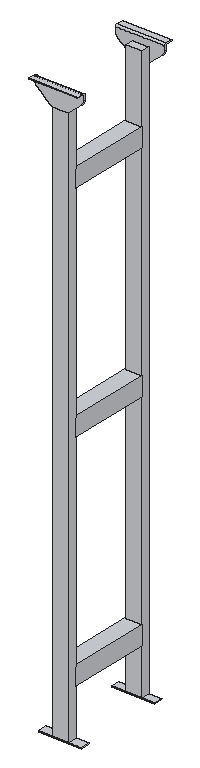
Revit family "C2101", category Specialty Equipment, Revit 2025
Family settings
  Round Connector Dimension = Use Diameter
  Part Type = Normal
  Work Plane-Based = Yes
  Enable Cutting in Views = No
  Always vertical = Yes
  Cut with Voids When Loaded = No
  Maintain Annotation Orientation = No
  Shared = No
  Room Calculation Point = No
Parameters
  Lookup Table Name 3 [instance] = "LEG_SUPPORT_D"
  Lookup Table Name 2 [instance] = "LEG_SUPPORT"
  Lookup Table Name [instance] = "LEG_SUPPORT_F"
  G [instance] = size_lookup(Lookup Table Name 2, "GG", 0' 7", Conveyor_Elevation_In, F)  # 2' - 10"
  F [instance] = size_lookup(Lookup Table Name, "FF", 0' 7", Conveyor_Elevation_In)  # 1' - 1"
  LEG_HEIGHT [instance] = Conveyor_Elevation_In - 0' 1 1/4" - 0' 0 31/256" - 0' 6 37/128"  # 7' - 4 87/256"
  Default Elevation = 4' - 0"
  D [instance] = size_lookup(Lookup Table Name 3, "DD", 1, Conveyor_Elevation_In, F)  # 3
  Cross_Member_width [instance] = CLR_NOMINAL_WIDTH - 0' 5 1/2"  # 1' - 0 1/2"
  Conveyor_Elevation_In = 8' - 0"
  CLR_NOMINAL_WIDTH = 1' - 6"
Reference planes (in)
  plane 1 "Center (Front/Back)": y = 0
  plane 2 "Level": z = 0
  plane 3 "Center (Left/Right)": x = 0
  plane 4: z = 89.71
  plane 5: y = 7.64063
  plane 6: y = -36.38324
  plane 7: x = 7.5
  plane 8 "Support_Centerline": x = 3.80669
  plane 9 "LH_Out": y = 9
  plane 10 "RH_Out": y = -9
  plane 11 "Bot_of_SideFrame": z = 89.71
  plane 12: z = 33.60641
  plane 13: y = 18.02386
  plane 14: y = -26
  plane 15: z = 89.71
  plane 16: y = -7.64063
  plane 17: y = 36.38324
  plane 18: z = 89.71
  plane 19: z = 33.60641
  plane 20: z = 89.71
  plane 21: y = -9
  plane 22: y = 9
  plane 23: y = 19.38324
  plane 24 "CROSS_CENTERLINE": z = 76.71
  plane 25: z = 89.71
  plane 26: z = 76.71
  plane 27 "CROSS_CENTERLINE": z = 77.75
  plane 28: z = 90.75
  plane 29: z = 77.75
  plane 30 "Center F/E": z = 42.71
  plane 31: z = 55.71
  plane 32: z = 42.71
  plane 33: y = -0.48938
  plane 34: y = -3.25
  plane 35: y = -0.5
  plane 36: z = 96
  plane 37 "Center F/F": z = 8.71
  plane 38: z = 21.71
  plane 39: z = 8.71
  plane 40: y = -0.51062
Forms (in)
  Extrusion 1, solid
    sketch origin (0, -9.38324, 57.71) x (0, 1, 0) y (0, 0, 1)
      loop
        line (18.38324, 32) -> (17.27386, 32)
        arc (17.27386, 32) -> (17.09708, 31.92678) -> (17.02386, 31.75) r 0.25
        line (17.02386, 31.75) -> (17.02386, 27.75) -> (17.13324, 27.75) -> (17.13324, 31.64063)
        arc (17.13324, 31.64063) -> (17.20646, 31.8174) -> (17.38324, 31.89063) r 0.25
        line (17.38324, 31.89063) -> (18.38324, 31.89063) -> (18.38324, 32)
    from 0 to 7.5
  Extrusion 2, void
    sketch origin (0, 7.64063, 90.46) x (0, 0, 1) y (1, 0, 0)
      loop
        line (-1.11719, 0) -> (-1.66256, 0)
        arc (-1.66256, 0) -> (-2.08229, 0.09235) -> (-2.4245, 0.35235) r 1
        line (-2.4245, 0.35235) -> (-4.01194, 2.21993)
        arc (-4.01194, 2.21993) -> (-4.1886, 2.52257) -> (-4.25, 2.86758) r 1
        line (-4.25, 2.86758) -> (-4.25, 3.75) -> (-4.25, 4.63242)
        arc (-4.25, 4.63242) -> (-4.1886, 4.97743) -> (-4.01194, 5.28007) r 1
        line (-4.01194, 5.28007) -> (-2.4245, 7.14765)
        arc (-2.4245, 7.14765) -> (-2.08229, 7.40765) -> (-1.66256, 7.5) r 1
        line (-1.66256, 7.5) -> (-1.11719, 7.5) -> (-1.11719, 8.36747) -> (-5.5, 8.36747) -> (-5.5, 3.75) -> (-5.5, -0.86747) -> (-1.11719, -0.86747) -> (-1.11719, 0)
    from 0 to 0.10938
  Extrusion 3, solid, not visible
    sketch origin (0, 1, 1.60641) x (0, 1, 0) y (0, 0, 1)
      loop
        line (18.38324, 32) -> (17.27386, 32)
        arc (17.27386, 32) -> (17.09708, 31.92678) -> (17.02386, 31.75) r 0.25
        line (17.02386, 31.75) -> (17.02386, 27.75) -> (17.13324, 27.75) -> (17.13324, 31.64063)
        arc (17.13324, 31.64063) -> (17.20646, 31.8174) -> (17.38324, 31.89063) r 0.25
        line (17.38324, 31.89063) -> (18.38324, 31.89063) -> (18.38324, 32)
    from 0 to 7.5
  Extrusion 4, void, not visible
    sketch origin (0, 18.02386, 44.25281) x (0, 0, 1) y (1, 0, 0)
      loop
        line (-1.11719, 0) -> (-1.66256, 0)
        arc (-1.66256, 0) -> (-2.08229, 0.09235) -> (-2.4245, 0.35235) r 1
        line (-2.4245, 0.35235) -> (-4.01194, 2.21993)
        arc (-4.01194, 2.21993) -> (-4.1886, 2.52257) -> (-4.25, 2.86758) r 1
        line (-4.25, 2.86758) -> (-4.25, 3.75) -> (-4.25, 4.63242)
        arc (-4.25, 4.63242) -> (-4.1886, 4.97743) -> (-4.01194, 5.28007) r 1
        line (-4.01194, 5.28007) -> (-2.4245, 7.14765)
        arc (-2.4245, 7.14765) -> (-2.08229, 7.40765) -> (-1.66256, 7.5) r 1
        line (-1.66256, 7.5) -> (-1.11719, 7.5) -> (-1.11719, 8.36747) -> (-5.5, 8.36747) -> (-5.5, 3.75) -> (-5.5, -0.86747) -> (-1.11719, -0.86747) -> (-1.11719, 0)
    from 0 to 0.10938
  Extrusion 5, solid
    sketch origin (0, -9.38324, 57.71) x (0, 1, 0) y (0, 0, 1)
      loop
        line (0.38324, 32) -> (0.38324, 31.89063) -> (1.38324, 31.89063)
        arc (1.38324, 31.89063) -> (1.56001, 31.8174) -> (1.63324, 31.64063) r 0.25
        line (1.63324, 31.64063) -> (1.63324, 27.75) -> (1.74261, 27.75) -> (1.74261, 31.75)
        arc (1.74261, 31.75) -> (1.66939, 31.92678) -> (1.49261, 32) r 0.25
        line (1.49261, 32) -> (0.38324, 32)
    from 0 to 7.5
  Extrusion 6, void
    sketch origin (0, -7.64063, 90.46) x (0, 0, 1) y (-1, 0, 0)
      loop
        line (-1.11719, 0) -> (-1.11719, 0.86747) -> (-5.5, 0.86747) -> (-5.5, -3.75) -> (-5.5, -8.36747) -> (-1.11719, -8.36747) -> (-1.11719, -7.5) -> (-1.66256, -7.5)
        arc (-1.66256, -7.5) -> (-2.08229, -7.40765) -> (-2.4245, -7.14765) r 1
        line (-2.4245, -7.14765) -> (-4.01194, -5.28007)
        arc (-4.01194, -5.28007) -> (-4.1886, -4.97743) -> (-4.25, -4.63242) r 1
        line (-4.25, -4.63242) -> (-4.25, -3.75) -> (-4.25, -2.86758)
        arc (-4.25, -2.86758) -> (-4.1886, -2.52257) -> (-4.01194, -2.21993) r 1
        line (-4.01194, -2.21993) -> (-2.4245, -0.35235)
        arc (-2.4245, -0.35235) -> (-2.08229, -0.09235) -> (-1.66256, 0) r 1
        line (-1.66256, 0) -> (-1.11719, 0)
    from 0 to 0.10938
  Extrusion 7, solid
    sketch origin (3.80669, 0, 0) x (0, 1, 0) y (0, 0, 1)
      loop
        line (7.64062, 88.46) -> (6.26062, 88.46) -> (6.26062, 0.12016) -> (7.64062, 0.12016) -> (7.64062, 88.46)
    from -1.25 to 1.25
  Extrusion 8, solid
    sketch origin (3.80669, 0, 0) x (0, -1, 0) y (0, 0, -1)
      loop
        line (7.64062, -88.46) -> (7.64062, -0.12016) -> (6.26062, -0.12016) -> (6.26062, -88.46) -> (7.64062, -88.46)
    from -1.25 to 1.25
  Extrusion 9, solid
    sketch origin (0, 0, 0) x (0, 1, 0) y (0, 0, 1)
      loop
        line (-7.64062, 0.12109) -> (-7.64062, 0) -> (-6.26062, 0) -> (-6.26062, 0.12109) -> (-7.64062, 0.12109)
    from 0.5 to 7
  Extrusion 10, solid
    sketch origin (0, 0, 0) x (0, -1, 0) y (0, 0, -1)
      loop
        line (-7.64062, -0.12109) -> (-6.26062, -0.12109) -> (-6.26062, 0) -> (-7.64062, 0) -> (-7.64062, -0.12109)
    from 0.5 to 7
  Extrusion 11, solid
    sketch origin (3.80669, 2.76062, -1.04) x (0, 1, 0) y (0, 0, 1)
      loop
        line (-9, 79.19) -> (-9, 76.31) -> (3.5, 76.31) -> (3.5, 79.19) -> (-9, 79.19)
    from -1.25 to 1.25
  Extrusion 12, solid, not visible
    sketch origin (3.80669, 0, 0) x (0, 1, 0) y (0, 0, 1)
      loop
        line (-9, 79.19) -> (-9, 76.31) -> (3.5, 76.31) -> (3.5, 79.19) -> (-9, 79.19)
    from -1.25 to 1.25
  Extrusion 13, solid
    sketch origin (3.80669, 2.75, -35.04) x (0, 1, 0) y (0, 0, 1)
      loop
        line (-9, 79.19) -> (-9, 76.31) -> (3.5, 76.31) -> (3.5, 79.19) -> (-9, 79.19)
    from -1.25 to 1.25
  Extrusion 14, solid
    sketch origin (3.80669, 2.73938, -69.04) x (0, 1, 0) y (0, 0, 1)
      loop
        line (-9, 79.19) -> (-9, 76.31) -> (3.5, 76.31) -> (3.5, 79.19) -> (-9, 79.19)
    from -1.25 to 1.25
Cuts and joins
  Extrusion 2, Extrusion 6 cuts Extrusion 1
  Extrusion 6 cuts Extrusion 5
Dimensions and locks (in)
  locked: Extrusion 1 sketch curve to Extrusion 1 sketch curve at 4.25
  Extrusion 1 sketch curve to Extrusion 1 sketch curve to plane 5 = 0' - 1 23/64", 0' - 0" locked
  locked: plane 3 "Center (Left/Right)" to plane 7 at 7.5
  equal spacing: plane 9 "LH_Out", plane 1 "Center (Front/Back)", plane 10 "RH_Out"
  "CLR_NOMINAL_WIDTH": plane 9 "LH_Out" to plane 10 "RH_Out"
  locked: Extrusion 3 sketch curve to Extrusion 3 sketch curve at 4.25
  Extrusion 3 sketch curve to Extrusion 3 sketch curve to plane 13 = 0' - 1 23/64", 0' - 0" locked
  locked: Extrusion 5 sketch curve to Extrusion 5 sketch curve at 4.25
  Extrusion 5 sketch curve to plane 16 to Extrusion 5 sketch curve = 0' - 0" locked, 0' - 1 23/64"
  plane 11 "Bot_of_SideFrame" to level = 7' - 5.71"
  locked: Extrusion 7 sketch curve to plane 11 "Bot_of_SideFrame" at 1.25
  "LEG_HEIGHT": Extrusion 7 sketch curve to Extrusion 7 sketch curve
  locked: Extrusion 7 sketch curve to Extrusion 7 sketch curve at 1.38
  "LEG_HEIGHT": Extrusion 8 sketch curve to Extrusion 8 sketch curve
  locked: Extrusion 8 sketch curve to Extrusion 8 sketch curve at 1.38
  Extrusion 9 sketch curve to Extrusion 8 = 0' - 0.12016"
  Extrusion 5 to Extrusion 2 = 0' - 0 1/2"
  equal spacing: Extrusion 11 sketch curve, plane 24 "CROSS_CENTERLINE", Extrusion 11 sketch curve
  locked: Extrusion 11 sketch curve to Extrusion 11 sketch curve at 2.88
  "F": plane 25 to plane 24 "CROSS_CENTERLINE"
  plane 25 to plane 11 "Bot_of_SideFrame" = 0' - 0"
  equal spacing: Extrusion 12 sketch curve, plane 27 "CROSS_CENTERLINE", Extrusion 12 sketch curve
  locked: Extrusion 12 sketch curve to Extrusion 12 sketch curve at 2.88
  "F": plane 28 to plane 27 "CROSS_CENTERLINE"
  "F": plane 11 "Bot_of_SideFrame" to plane 26
  equal spacing: Extrusion 13 sketch curve, plane 30 "Center F/E", Extrusion 13 sketch curve
  locked: Extrusion 13 sketch curve to Extrusion 13 sketch curve at 2.88
  "F": plane 31 to plane 30 "Center F/E"
  equal spacing: group 4, group 6, group 7
  equal spacing: group 7, group 6, group 4  (x2)
  "G": plane 26 to plane 32
  "Cross_Member_width": Extrusion 11 sketch curve to Extrusion 11 sketch curve
  "Cross_Member_width": Extrusion 12 sketch curve to Extrusion 12 sketch curve
  "Cross_Member_width": Extrusion 13 sketch curve to Extrusion 13 sketch curve
  locked: plane 36 to plane 11 "Bot_of_SideFrame" at 6.29
  "Conveyor_Elevation_In": plane 36 to level
  equal spacing: Extrusion 14 sketch curve, plane 37 "Center F/F", Extrusion 14 sketch curve
  locked: Extrusion 14 sketch curve to Extrusion 14 sketch curve at 2.88
  "F": plane 38 to plane 37 "Center F/F"
  "Cross_Member_width": Extrusion 14 sketch curve to Extrusion 14 sketch curve
  aligned and locked: level to plane 2 "Level"
  aligned and locked: plane 7 to Extrusion 1
  aligned and locked: plane 11 "Bot_of_SideFrame" to plane 20
  aligned and locked: plane 10 "RH_Out" to plane 21
  aligned and locked: plane 22 to plane 9 "LH_Out"
  aligned and locked: plane 11 "Bot_of_SideFrame" to plane 18
  aligned and locked: Extrusion 7 sketch curve to cut or joined group of Extrusion 1, Extrusion 2, Extrusion 6
  aligned and locked: Extrusion 9 to Extrusion 8
  aligned and locked: Extrusion 7 to Extrusion 11
  aligned and locked: Extrusion 11 to Extrusion 7  (x2)
  aligned and locked: plane 8 "Support_Centerline" to connector elem
  aligned and locked: Extrusion 14 to Extrusion 8
Automatic sketch dimensions
  Extrusion 1 sketch curve to plane 4 = 0' - 0"
  Extrusion 1 sketch curve to Extrusion 1 sketch curve = 0' - 0 7/64"  (x2)
  Extrusion 1 sketch curve to plane 5 = 0' - 0 1/4"
  Extrusion 1 sketch curve to plane 4 = 0' - 0 7/64"
  Extrusion 1 to Extrusion 2 sketch curve = 0' - 0 3/4"
  Extrusion 1 to Extrusion 2 sketch curve = 0' - 0"
  Extrusion 2 sketch curve to Extrusion 1 = 0' - 0"
  Extrusion 2 sketch curve to Extrusion 1 = 0' - 0 1/2"
  Extrusion 1 to Extrusion 2 sketch curve = 0' - 0.98806"  (x2)
  Extrusion 2 sketch curve to Extrusion 2 sketch curve = 0' - 1"  (x2)
  Extrusion 2 sketch curve to Extrusion 1 = 0' - 0.35235"  (x2)
  Extrusion 1 to Extrusion 2 sketch curve = 0' - 2.5755"  (x2)
  Extrusion 2 sketch curve to Extrusion 2 sketch curve = 0' - 0.76194"  (x2)
  Extrusion 2 sketch curve to Extrusion 1 = 0' - 0 15/128"  (x2)
  Extrusion 1 to Extrusion 2 sketch curve = 0' - 0.86747"  (x2)
  Extrusion 2 sketch curve to Extrusion 1 = 0' - 2.21993"
  Extrusion 2 sketch curve to Extrusion 2 sketch curve = 0' - 0.88242"  (x3)
  Extrusion 3 sketch curve to plane 12 = 0' - 0"
  Extrusion 3 sketch curve to Extrusion 3 sketch curve = 0' - 0 7/64"  (x2)
  Extrusion 3 sketch curve to plane 13 = 0' - 0 1/4"
  Extrusion 3 sketch curve to plane 12 = 0' - 0 7/64"
  Extrusion 3 to Extrusion 4 sketch curve = 0' - 10.64641"
  Extrusion 3 to Extrusion 4 sketch curve = 0' - 0"
  Extrusion 4 sketch curve to Extrusion 3 = 0' - 0"
  Extrusion 3 to Extrusion 4 sketch curve = 0' - 9.39641"
  Extrusion 3 to Extrusion 4 sketch curve = 0' - 10.88447"  (x2)
  Extrusion 4 sketch curve to Extrusion 4 sketch curve = 0' - 1"  (x2)
  Extrusion 4 sketch curve to Extrusion 3 = 0' - 0.35235"  (x2)
  Extrusion 3 to Extrusion 4 sketch curve = 1' - 0.47191"  (x2)
  Extrusion 4 sketch curve to Extrusion 4 sketch curve = 0' - 0.76194"  (x2)
  Extrusion 3 to Extrusion 4 sketch curve = 0' - 9.77922"  (x2)
  Extrusion 3 to Extrusion 4 sketch curve = 0' - 0.86747"  (x2)
  Extrusion 4 sketch curve to Extrusion 3 = 0' - 2.21993"
  Extrusion 4 sketch curve to Extrusion 4 sketch curve = 0' - 0.88242"  (x3)
  Extrusion 5 sketch curve to plane 15 = 0' - 0"
  Extrusion 5 sketch curve to Extrusion 5 sketch curve = 0' - 0 7/64"  (x2)
  plane 16 to Extrusion 5 sketch curve = 0' - 0 1/4"
  Extrusion 5 sketch curve to plane 15 = 0' - 0 7/64"
  Extrusion 5 to Extrusion 6 sketch curve = 0' - 0"
  Extrusion 6 sketch curve to Extrusion 5 = 0' - 0"
  Extrusion 6 sketch curve to Extrusion 6 sketch curve = 0' - 1"  (x2)
  Extrusion 5 to Extrusion 6 sketch curve = 0' - 0.35235"  (x2)
  Extrusion 6 sketch curve to Extrusion 6 sketch curve = 0' - 0.76194"  (x2)
  Extrusion 6 sketch curve to Extrusion 5 = 0' - 0.86747"  (x2)
  Extrusion 5 to Extrusion 6 sketch curve = 0' - 2.21993"
  Extrusion 6 sketch curve to Extrusion 6 sketch curve = 0' - 0.88242"  (x3)
  Extrusion 5 to Extrusion 6 sketch curve = 0' - 0 3/4"  (x2)
  Extrusion 6 sketch curve to Extrusion 5 = 0' - 0 1/2"  (x2)
  Extrusion 5 to Extrusion 6 sketch curve = 0' - 0.98806"  (x4)
  Extrusion 5 to Extrusion 6 sketch curve = 0' - 2.5755"  (x4)
  Extrusion 6 sketch curve to Extrusion 5 = 0' - 0 15/128"  (x4)
  level to Extrusion 9 sketch curve = 0' - 0 31/256"
  Extrusion 9 sketch curve to plane 10 "RH_Out" = 0' - 1 23/64"
  Extrusion 9 sketch curve to Extrusion 9 sketch curve = 0' - 1.38"
  Extrusion 10 sketch curve to level = 0' - 0"
  level to Extrusion 10 sketch curve = 0' - 0 31/256"
  plane 9 "LH_Out" to Extrusion 10 sketch curve = 0' - 1 23/64"
  Extrusion 10 sketch curve to Extrusion 10 sketch curve = 0' - 1.38"
  Extrusion 8 sketch curve to plane 11 "Bot_of_SideFrame" = 0' - 1 1/4"
  Extrusion 8 sketch curve to plane 10 "RH_Out" = 0' - 2.73938"
Connectors (in)
  cabletrayconduit at (3.80669, 0, 89.71), diameter 6
    settings: index 1, connector width 1' - 0", connector height 1' - 0", connector angle 0.00°, system type 32, placement type 0, profile type 0, connector reference index -1, is primary connector yes, connector utility param no, connector description ""
